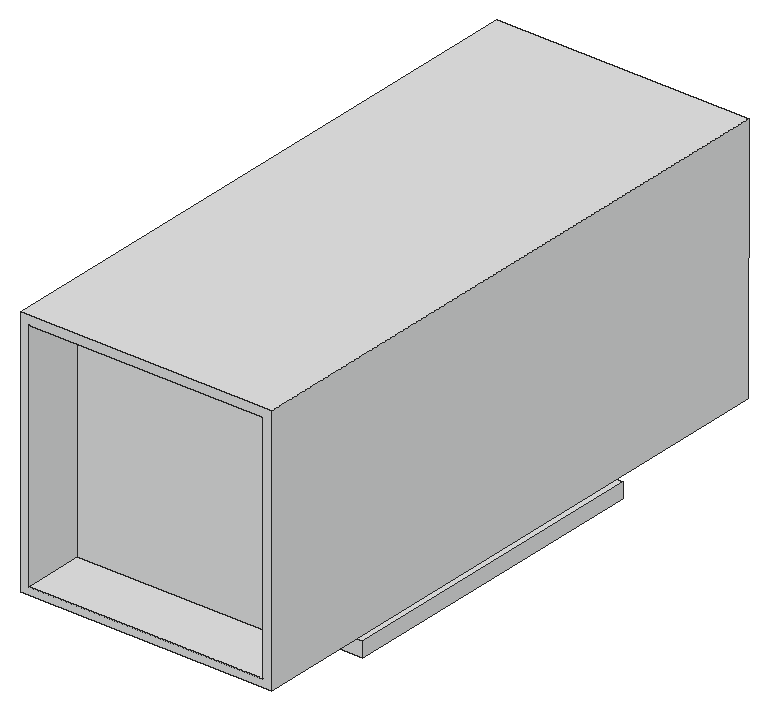
Revit family "Lighting-Wall Mount-Amerlux-Rook350-Square", category Lighting Fixtures, host Face, Revit 2020
Family settings
  Host = Face
  Round Connector Dimension = Use Diameter
  Part Type = Normal
  Cut with Voids When Loaded = No
  Light Source = Yes
  Shared = No
  Room Calculation Point = No
Parameters (values of type "Wall Mount")
  Width = 4.00"
  Wattage = 9.2903 W
  built-in parameter 1150110 = 1 (stored number, unit not read)
  Voltage = 0 V
  Uplight [instance] = yes
  URL = "http://www.amerlux.com/"
  built-in parameter 1114217 = 1 (stored number, unit not read)
  Tilt Angle = -90.00°
  built-in parameter 1150109 = 1 (stored number, unit not read)
  built-in parameter 1150134 = 3
  built-in parameter 1150113 = 1 (stored number, unit not read)
  Power Factor = 1
  Photometric Web File = "Load File"
  Number of Poles = 1
  built-in parameter 1150142 = (empty or 0)
  Model = "Rook 350"
  Manufacturer = "Amerlux"
  built-in parameter 1150105 = 109.82 (stored number, unit not read)
  Lumens = 1380 lm
  built-in parameter 1150115 = 1 (stored number, unit not read)
  built-in parameter 1150137 = (empty or 0)
  built-in parameter 1150139 = (empty or 0)
  built-in parameter 1150112 = 1 (stored number, unit not read)
  built-in parameter 1150114 = 1 (stored number, unit not read)
  built-in parameter 1150132 = (empty or 0)
  built-in parameter 1150102 = (empty or 0)
  built-in parameter 1150107 = 3200 (stored number, unit not read)
  built-in parameter 1150138 = (empty or 0)
  built-in parameter 1150106 = 1.0982 (stored number, unit not read)
  Height = 9.50"
  Fixture Finish = Aluminum Finish
  Emit from Rectangle Width = 4.00"
  Emit from Rectangle Length = 4.00"
  Emit Shape Visible in Rendering = no
  built-in parameter 1150104 = 13.8 (stored number, unit not read)
  Dimming Lamp Color Temperature Shift = <None>
  Description = "Wall Mount"
  Default Elevation = 48.00"
  Color Filter = 16777215
  built-in parameter 1114218 = 1 (stored number, unit not read)
  Back Plate Height = 5.17"
  built-in parameter 1150133 = 10 (stored number, unit not read)
  Apparent Load = 0 VA
Types (3): name | Height
  (no name) | 9.50"
  Wall Mount | 9.50"
  Remote | 6.50"
Reference planes (in)
  plane 1 "Center (Front/Back)": y = 0
  plane 2: z = 0
  plane 3 "Center (Left/Right)": x = 0
  plane 4: z = 0
  plane 5: y = 4.75
  plane 6: y = -4.75
  plane 7: y = 2.585
  plane 8: y = -2.585
Forms (in)
  Extrusion 1, solid, material "Aluminum Finish"
    sketch origin (0, -19.5, 2.57415) x (0, 0, -1) y (-1, 0, 0)
      loop
        line (-2.00529, -2) -> (1.99471, -2) -> (1.99471, 2) -> (-2.00529, 2) -> (-2.00529, -2)
    from 14.75 to 24.25
  Extrusion 2, solid, material "Aluminum Finish" <- "Fixture Finish"
    sketch origin (0, 0, 0) x (1, 0, 0) y (0, 0, 1)
      loop
        line (-1.73065, 0.25) -> (-1.73065, 0) -> (1.73065, 0) -> (1.73065, 0.25) -> (-1.73065, 0.25)
    from -2.585 to 2.585
  Extrusion 3, void
    sketch origin (0, 19.5, 2.57415) x (0, 0, -1) y (1, 0, 0)
      loop
        line (-1.87529, -1.87) -> (1.86471, -1.87) -> (1.86471, 1.87) -> (-1.87529, 1.87) -> (-1.87529, -1.87)
    from 23.2809 to 25.25
  Extrusion 4, solid, material "Aluminum Finish" <- "Fixture Finish"
    sketch origin (0, 0, 0) x (0, 1, 0) y (0, 0, 1)
      loop
        line (0.59984, 0.5429) -> (-0.60915, 0.5429) -> (-0.60915, 0.25) -> (0.59984, 0.25) -> (0.59984, 0.5429)
    from -0.47183 to 0.47549
  Extrusion 5, void
    sketch origin (0, -19.5, 2.57415) x (0, 0, -1) y (-1, 0, 0)
      loop
        line (-1.87529, 1.87) -> (-1.87529, -1.87) -> (1.86471, -1.87) -> (1.86471, 1.87) -> (-1.87529, 1.87)
    from 23.2809 to 25.25
Cuts and joins
  Extrusion 3, Extrusion 5 cuts Extrusion 1
Dimensions and locks (in)
  plane 4 to host face = 0.00"
  equal spacing: plane 5, plane 1 "Center (Front/Back)", plane 6
  "Height": plane 5 to plane 6
  equal spacing: plane 7, plane 1 "Center (Front/Back)", plane 8
  "Back Plate Height": plane 7 to plane 8
  locked: cut or joined group of Extrusion 1, Extrusion 3, Extrusion 5 to cut or joined group of Extrusion 1, Extrusion 3, Extrusion 5 at 0.9691  (x2)
  equal spacing: cut or joined group of Extrusion 1, Extrusion 3, Extrusion 5, imposter light, cut or joined group of Extrusion 1, Extrusion 3, Extrusion 5
  "Width": cut or joined group of Extrusion 1, Extrusion 3, Extrusion 5 to cut or joined group of Extrusion 1, Extrusion 3, Extrusion 5  (x2)
  aligned and locked: plane 2 to host face
  aligned and locked: level to host face
  aligned and locked: plane 3 "Center (Left/Right)" to imposter light
  aligned and locked: level to Extrusion 2 sketch curve
  aligned and locked: plane 5 to cut or joined group of Extrusion 1, Extrusion 3, Extrusion 5
  aligned and locked: cut or joined group of Extrusion 1, Extrusion 3, Extrusion 5 to plane 6
  aligned and locked: imposter light to cut or joined group of Extrusion 1, Extrusion 3, Extrusion 5
Automatic sketch dimensions
  host sketch curve to host sketch curve = 96.00"  (x2)
  Extrusion 1 sketch curve to plane 3 "Center (Left/Right)" = 2.00"
  level to Extrusion 1 sketch curve = 4.57944"
  level to Extrusion 1 sketch curve = 0.57944"
  plane 3 "Center (Left/Right)" to Extrusion 1 sketch curve = 2.00"
  Extrusion 2 sketch curve to plane 3 "Center (Left/Right)" = 1.73065"
  plane 3 "Center (Left/Right)" to Extrusion 2 sketch curve = 1.73065"
  Extrusion 2 sketch curve to Extrusion 2 sketch curve = 0.25"
  plane 3 "Center (Left/Right)" to Extrusion 3 sketch curve = 1.87"
  level to Extrusion 3 sketch curve = 4.44944"
  level to Extrusion 3 sketch curve = 0.70944"
  Extrusion 3 sketch curve to plane 3 "Center (Left/Right)" = 1.87"
  plane 1 "Center (Front/Back)" to Extrusion 4 sketch curve = 0.60915"
  level to Extrusion 4 sketch curve = 0.25"
  Extrusion 4 sketch curve to plane 1 "Center (Front/Back)" = 0.59984"
  Extrusion 4 sketch curve to Extrusion 4 sketch curve = 0.2929"
  plane 3 "Center (Left/Right)" to Extrusion 5 sketch curve = 1.87"
  level to Extrusion 5 sketch curve = 4.44944"
  level to Extrusion 5 sketch curve = 0.70944"
  Extrusion 5 sketch curve to plane 3 "Center (Left/Right)" = 1.87"
Nested families (in)
  nested 1: "Family1" at (0, 4.83511, -51.42032), visible <- "Uplight", type "Family1"
Connectors (in)
  electrical at (0, 0, 0), driven by "Number of Poles", driven by "Voltage", driven by "Apparent Load", driven by "Power Factor"
    settings: on Extrusion 2, index 1, voltage 0 V, apparent load 0 VA, apparent load phase1 0 VA, apparent load phase2 0 VA, apparent load phase3 0 VA, power factor 1, load classification "Other", number of poles 1, system type 31, power factor state 1, is connector primary yes, connector utility no, sub classification motor no, connector description ""
Definition of nested family "Family1"
  Parameters (values of type "Family1")
    Wattage = 9.2903 W
    built-in parameter 1150110 = 1 (stored number, unit not read)
    built-in parameter 1114217 = 1 (stored number, unit not read)
    Tilt Angle = 90.00°
    built-in parameter 1150109 = 1 (stored number, unit not read)
    built-in parameter 1150134 = 3
    built-in parameter 1150113 = 1 (stored number, unit not read)
    Photometric Web File = "generic"
    built-in parameter 1150142 = (empty or 0)
    built-in parameter 1150105 = 109.82 (stored number, unit not read)
    Lumens = 1380 lm
    built-in parameter 1150115 = 1 (stored number, unit not read)
    built-in parameter 1150137 = (empty or 0)
    built-in parameter 1150139 = (empty or 0)
    built-in parameter 1150112 = 1 (stored number, unit not read)
    built-in parameter 1150114 = 1 (stored number, unit not read)
    built-in parameter 1150132 = (empty or 0)
    built-in parameter 1150102 = (empty or 0)
    built-in parameter 1150107 = 3200 (stored number, unit not read)
    built-in parameter 1150138 = (empty or 0)
    built-in parameter 1150106 = 1.0982 (stored number, unit not read)
    Emit from Rectangle Width = 4.00"
    Emit from Rectangle Length = 4.00"
    Emit Shape Visible in Rendering = no
    built-in parameter 1150104 = 13.8 (stored number, unit not read)
    Dimming Lamp Color Temperature Shift = (empty or 0)
    Default Elevation = 0.00"
    Color Filter = 16777215
    built-in parameter 1114218 = 1 (stored number, unit not read)
    built-in parameter 1150133 = 10 (stored number, unit not read)
  Reference planes (in)
    plane 1 "Light Source Axis (F/B)": y = 0
    plane 2: z = 0
    plane 3 "Light Source Axis (L/R)": x = 0
    plane 4 "Light Source Elevation": z = 54
  Dimensions and locks (in)
    aligned and locked: level to plane 2
